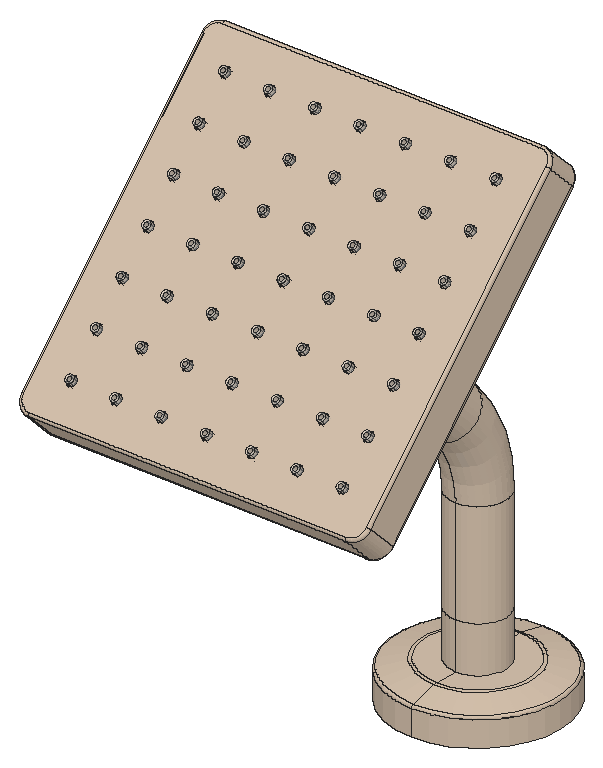
Revit family "Shower-Showerarm-KALLISTA-Guise-P34250_1", category Plumbing Fixtures, host Face, Revit 2021 (continued)
Definition of nested family "P34250"
  Lines and regions (in)
    symbolic lines, detail levels medium+fine
      curve 98: spline (1.82242, -4.81753, 0) -> (1.8259, -4.79948, 0) -> (1.83611, -4.78266, 0) -> (1.85235, -4.76822, 0) -> (1.87351, -4.75713, 0) -> (1.89816, -4.75016, 0) -> (1.9246, -4.74779, 0) -> (1.95105, -4.75016, 0) -> (1.97569, -4.75713, 0) -> (1.99686, -4.76822, 0) -> (2.0131, -4.78266, 0) -> (2.0233, -4.79948, 0) -> (2.02679, -4.81753, 0) -> (2.0233, -4.83558, 0) -> (2.0131, -4.8524, 0) -> (1.99686, -4.86685, 0) -> (1.97569, -4.87793, 0) -> (1.95105, -4.8849, 0) -> (1.9246, -4.88728, 0) -> (1.89816, -4.8849, 0) -> (1.87351, -4.87793, 0) -> (1.85235, -4.86685, 0) -> (1.83611, -4.8524, 0) -> (1.8259, -4.83558, 0) -> (1.82242, -4.81753, 0)
      curve 99: spline (1.87757, -4.81591, 0) -> (1.87917, -4.82305, 0) -> (1.88387, -4.8297, 0) -> (1.89134, -4.83541, 0) -> (1.90108, -4.83979, 0) -> (1.91243, -4.84254, 0) -> (1.9246, -4.84348, 0) -> (1.93678, -4.84254, 0) -> (1.94812, -4.83979, 0) -> (1.95786, -4.83541, 0) -> (1.96534, -4.8297, 0) -> (1.97004, -4.82305, 0) -> (1.97164, -4.81591, 0) -> (1.97004, -4.80877, 0) -> (1.96534, -4.80212, 0) -> (1.95786, -4.79641, 0) -> (1.94812, -4.79203, 0) -> (1.93678, -4.78928, 0) -> (1.9246, -4.78834, 0) -> (1.91243, -4.78928, 0) -> (1.90108, -4.79203, 0) -> (1.89134, -4.79641, 0) -> (1.88387, -4.80212, 0) -> (1.87917, -4.80877, 0) -> (1.87757, -4.81591, 0)
      curve 100: line (-2.28045, -1.62983, 0) -> (0, -1.62983, 0)
      curve 101: arc (-2.50394, -1.80543, 0) -> (-2.42256, -1.67898, 0) -> (-2.28045, -1.62983, 0) r 0.23002
      curve 102: line (2.28045, -1.62983, 0) -> (0, -1.62983, 0)
      curve 103: arc (2.50394, -1.80543, 0) -> (2.42256, -1.67898, 0) -> (2.28045, -1.62983, 0) r 0.23002
      curve 104: line (0, -1.68318, 0) -> (-2.27955, -1.68318, 0)
      curve 105: line (-2.28044, -5.16616, 0) -> (0, -5.16616, 0)
      curve 106: line (-2.45043, -1.80665, 0) -> (-2.45043, -5.01674, 0)
      curve 107: arc (-2.45043, -5.01674, 0) -> (-2.39923, -5.1299, 0) -> (-2.28044, -5.16616, 0) r 0.15066
      curve 108: arc (-2.27955, -1.68318, 0) -> (-2.38496, -1.71728, 0) -> (-2.45043, -1.80665, 0) r 0.17998
      curve 109: line (0, -1.68318, 0) -> (2.27955, -1.68318, 0)
      curve 110: line (2.28044, -5.16616, 0) -> (0, -5.16616, 0)
      curve 111: line (2.45043, -1.80665, 0) -> (2.45043, -5.01674, 0)
      curve 112: arc (2.45043, -5.01674, 0) -> (2.39923, -5.1299, 0) -> (2.28044, -5.16616, 0) r 0.15066
      curve 113: arc (2.27955, -1.68318, 0) -> (2.38496, -1.71728, 0) -> (2.45043, -1.80665, 0) r 0.17998
      curve 114: line (-0.49159, -1.27751, 0) -> (0.49159, -1.27751, 0)
      curve 115: line (2.28045, -1.62983, 0) -> (2.28431, -1.27751, 0)
      curve 116: line (-2.28045, -1.62983, 0) -> (-2.28431, -1.27751, 0)
      curve 117: line (-0.41609, -1.10842, 0) -> (-0.41609, -0.00154, 0)
      curve 118: line (0.41609, -1.10842, 0) -> (0.41609, -0.00154, 0)
      curve 119: arc (-0.41609, -0.00154, 0) -> (0, 0.41455, 0) -> (0.41609, -0.00154, 0) r 0.41609
      curve 120: arc (-0.41609, -0.16213, 0) -> (0, 0.45002, 0) -> (0.41609, -0.16213, 0) r 0.44748
      curve 121: arc (-1.14567, 0, 0) -> (-1.06295, 0.42743, 0) -> (-0.82673, 0.79314, 0) r 1.14567
      curve 122: arc (-0.41609, -1.06629, 0) -> (-0.94582, -0.646, 0) -> (-1.14567, 0, 0) r 1.14398
      curve 123: arc (-0.82673, 0.79314, 0) -> (-0.44938, 1.05386, 0) -> (0, 1.14567, 0) r 1.14567
      curve 124: arc (0, 1.14567, 0) -> (0.34528, 1.0924, 0) -> (0.65845, 0.93755, 0) r 1.14567
      curve 125: arc (0.65845, 0.93755, 0) -> (1.01659, 0.5283, 0) -> (1.14567, 0, 0) r 1.14567
      curve 126: arc (0.41609, -1.06629, 0) -> (0.94582, -0.646, 0) -> (1.14567, 0, 0) r 1.14398
      curve 127: arc (-0.41609, -0.67406, 0) -> (0, 0.78846, 0) -> (0.41609, -0.67406, 0) r 0.79045
      curve 128: arc (-0.41609, -0.60236, 0) -> (0, 0.72757, 0) -> (0.41609, -0.60236, 0) r 0.73006
      curve 129: line (0, 1.18504, 0.37273) -> (0, -1.18504, 0.37273)
      curve 130: line (0, 1.15943, 0.40526) -> (0, -1.15943, 0.40526)
      curve 131: line (0, 0.40551, 0.5) -> (0, -0.40551, 0.5)
      curve 132: line (0, 0.40551, 2.59658) -> (0, -0.40551, 2.59658)
      curve 133: line (0, -0.28636, 4.26691) -> (0, -0.8614, 3.69187)
      curve 134: line (0, -0.99751, 4.97806) -> (0, -1.57255, 4.40302)
      curve 135: line (0, -0.95045, 5.05296) -> (0, -1.64745, 4.35596)
      curve 136: line (0, -1.2683, 4.94795) -> (0, -1.68508, 5.36472)
      curve 137: line (0, -1.2683, 4.94795) -> (0, -1.54669, 4.66956)
      curve 138: line (0, -1.54669, 4.66956) -> (0, -1.95588, 5.08522)
      curve 139: arc (0, -1.73875, 5.38776) -> (0, -1.91437, 5.31603) -> (0, -1.9806, 5.13826) r 0.23621
      curve 140: arc (0, -1.68508, 5.36472) -> (0, -1.7097, 5.3814) -> (0, -1.73875, 5.38776) r 0.07874
      curve 141: arc (0, -1.9806, 5.13826) -> (0, -1.97397, 5.11081) -> (0, -1.9581, 5.08747) r 0.07874
      curve 142: arc (0, -1.2683, 4.94795) -> (0, -1.37857, 4.77983) -> (0, -1.54669, 4.66956) r 0.494
      curve 143: line (0, -1.4693, 5.57181) -> (0, -1.68073, 5.36038)
      curve 144: line (0, -2.1663, 4.87481) -> (0, -1.95588, 5.08522)
      curve 145: line (0, -1.71685, 5.62179) -> (0, -2.21628, 5.12236)
      curve 146: line (0, -1.81187, 5.68546) -> (0, -2.27995, 5.21738)
      curve 147: line (0, -1.81619, 5.80306) -> (0, -2.39755, 5.2217)
      curve 148: line (0, -1.65671, 6.23587) -> (0, -2.83036, 5.06222)
      curve 149: line (0, -2.21548, 6.81537) -> (0, -3.40985, 5.62099)
      curve 150: line (0, -2.18154, 7.30521) -> (0, -3.8997, 5.58705)
      curve 151: line (0, -1.28271, 8.23175) -> (0, -4.8258, 4.68867)
      curve 152: line (0, -1.6284, 8.57019) -> (0, -5.16379, 5.03391)
      curve 153: line (0, -1.42439, 8.06194) -> (0, -1.81688, 8.45443)
      curve 154: line (0, -4.63856, 4.84777) -> (0, -5.03161, 5.24082)
      curve 155: arc (0, -2.02028, 8.27392) -> (0, -2.0615, 8.224) -> (0, -2.11452, 8.18685) r 0.24118
      curve 156: arc (0, -2.49518, 7.83014) -> (0, -2.53373, 7.77878) -> (0, -2.58712, 7.74309) r 0.19107
      curve 157: arc (0, -2.96462, 7.38109) -> (0, -3.00743, 7.33431) -> (0, -3.05533, 7.29277) r 0.55126
      curve 158: arc (0, -4.86841, 5.42579) -> (0, -4.81849, 5.46702) -> (0, -4.78134, 5.52003) r 0.24118
      curve 159: arc (0, -4.42463, 5.9007) -> (0, -4.37326, 5.93924) -> (0, -4.33758, 5.99263) r 0.19107
      curve 160: arc (0, -3.97558, 6.37013) -> (0, -3.9288, 6.41295) -> (0, -3.88725, 6.46085) r 0.55126
      curve 161: arc (0, -3.42928, 6.92383) -> (0, -3.47081, 6.87632) -> (0, -3.51832, 6.83479) r 0.47018
      curve 162: spline (0, -2.04983, 8.27674) -> (0, -2.05279, 8.2786) -> (0, -2.05775, 8.2788) -> (0, -2.06439, 8.2773) -> (0, -2.07224, 8.27422) -> (0, -2.08078, 8.26976) -> (0, -2.08942, 8.26423) -> (0, -2.09757, 8.258) -> (0, -2.10468, 8.25151) -> (0, -2.11026, 8.24518) -> (0, -2.11393, 8.23946) -> (0, -2.11545, 8.23473) -> (0, -2.11471, 8.23131) -> (0, -2.11175, 8.22945) -> (0, -2.10679, 8.22925) -> (0, -2.10015, 8.23075) -> (0, -2.0923, 8.23383) -> (0, -2.08376, 8.23829) -> (0, -2.07512, 8.24382) -> (0, -2.06697, 8.25005) -> (0, -2.05986, 8.25654) -> (0, -2.05428, 8.26287) -> (0, -2.05061, 8.26859) -> (0, -2.04909, 8.27332) -> (0, -2.04983, 8.27674)
      curve 163: spline (0, -2.5311, 7.82794) -> (0, -2.53406, 7.82981) -> (0, -2.53902, 7.83) -> (0, -2.54566, 7.82851) -> (0, -2.55351, 7.82543) -> (0, -2.56205, 7.82097) -> (0, -2.57069, 7.81544) -> (0, -2.57884, 7.80921) -> (0, -2.58595, 7.80271) -> (0, -2.59153, 7.79639) -> (0, -2.5952, 7.79066) -> (0, -2.59672, 7.78593) -> (0, -2.59598, 7.78252) -> (0, -2.59302, 7.78065) -> (0, -2.58806, 7.78046) -> (0, -2.58142, 7.78196) -> (0, -2.57357, 7.78504) -> (0, -2.56503, 7.7895) -> (0, -2.5564, 7.79503) -> (0, -2.54824, 7.80125) -> (0, -2.54113, 7.80775) -> (0, -2.53555, 7.81408) -> (0, -2.53188, 7.8198) -> (0, -2.53036, 7.82453) -> (0, -2.5311, 7.82794)
      curve 164: spline (0, -2.99891, 7.38297) -> (0, -3.00186, 7.38484) -> (0, -3.00683, 7.38503) -> (0, -3.01346, 7.38354) -> (0, -3.02131, 7.38045) -> (0, -3.02985, 7.376) -> (0, -3.03849, 7.37047) -> (0, -3.04664, 7.36424) -> (0, -3.05375, 7.35774) -> (0, -3.05933, 7.35142) -> (0, -3.06301, 7.34569) -> (0, -3.06452, 7.34096) -> (0, -3.06378, 7.33755) -> (0, -3.06083, 7.33568) -> (0, -3.05586, 7.33549) -> (0, -3.04923, 7.33698) -> (0, -3.04137, 7.34007) -> (0, -3.03284, 7.34452) -> (0, -3.0242, 7.35005) -> (0, -3.01605, 7.35628) -> (0, -3.00894, 7.36278) -> (0, -3.00336, 7.3691) -> (0, -2.99968, 7.37483) -> (0, -2.99816, 7.37956) -> (0, -2.99891, 7.38297)
      curve 165: spline (0, -3.46088, 6.921) -> (0, -3.46383, 6.92287) -> (0, -3.46879, 6.92306) -> (0, -3.47543, 6.92157) -> (0, -3.48328, 6.91849) -> (0, -3.49182, 6.91403) -> (0, -3.50046, 6.9085) -> (0, -3.50861, 6.90227) -> (0, -3.51572, 6.89577) -> (0, -3.5213, 6.88945) -> (0, -3.52498, 6.88373) -> (0, -3.52649, 6.87899) -> (0, -3.52575, 6.87558) -> (0, -3.52279, 6.87371) -> (0, -3.51783, 6.87352) -> (0, -3.5112, 6.87502) -> (0, -3.50334, 6.8781) -> (0, -3.49481, 6.88256) -> (0, -3.48617, 6.88809) -> (0, -3.47801, 6.89431) -> (0, -3.47091, 6.90081) -> (0, -3.46532, 6.90714) -> (0, -3.46165, 6.91286) -> (0, -3.46013, 6.91759) -> (0, -3.46088, 6.921)
      curve 166: spline (0, -4.87122, 5.45534) -> (0, -4.87309, 5.4583) -> (0, -4.87328, 5.46326) -> (0, -4.87179, 5.4699) -> (0, -4.86871, 5.47775) -> (0, -4.86425, 5.48629) -> (0, -4.85872, 5.49493) -> (0, -4.85249, 5.50308) -> (0, -4.84599, 5.51019) -> (0, -4.83967, 5.51577) -> (0, -4.83395, 5.51944) -> (0, -4.82922, 5.52096) -> (0, -4.8258, 5.52022) -> (0, -4.82393, 5.51726) -> (0, -4.82374, 5.5123) -> (0, -4.82524, 5.50566) -> (0, -4.82832, 5.49781) -> (0, -4.83278, 5.48927) -> (0, -4.83831, 5.48064) -> (0, -4.84453, 5.47248) -> (0, -4.85103, 5.46537) -> (0, -4.85736, 5.45979) -> (0, -4.86308, 5.45612) -> (0, -4.86781, 5.4546) -> (0, -4.87122, 5.45534)
      curve 167: spline (0, -4.42243, 5.93662) -> (0, -4.4243, 5.93957) -> (0, -4.42449, 5.94454) -> (0, -4.423, 5.95117) -> (0, -4.41991, 5.95902) -> (0, -4.41546, 5.96756) -> (0, -4.40993, 5.9762) -> (0, -4.4037, 5.98435) -> (0, -4.3972, 5.99146) -> (0, -4.39088, 5.99704) -> (0, -4.38515, 6.00072) -> (0, -4.38042, 6.00223) -> (0, -4.37701, 6.00149) -> (0, -4.37514, 5.99853) -> (0, -4.37495, 5.99357) -> (0, -4.37644, 5.98694) -> (0, -4.37953, 5.97908) -> (0, -4.38398, 5.97055) -> (0, -4.38951, 5.96191) -> (0, -4.39574, 5.95376) -> (0, -4.40224, 5.94665) -> (0, -4.40856, 5.94106) -> (0, -4.41429, 5.93739) -> (0, -4.41902, 5.93587) -> (0, -4.42243, 5.93662)
      curve 168: spline (0, -3.97746, 6.40442) -> (0, -3.97933, 6.40737) -> (0, -3.97952, 6.41234) -> (0, -3.97802, 6.41897) -> (0, -3.97494, 6.42683) -> (0, -3.97048, 6.43536) -> (0, -3.96495, 6.444) -> (0, -3.95873, 6.45215) -> (0, -3.95223, 6.45926) -> (0, -3.9459, 6.46484) -> (0, -3.94018, 6.46852) -> (0, -3.93545, 6.47004) -> (0, -3.93204, 6.46929) -> (0, -3.93017, 6.46634) -> (0, -3.92998, 6.46137) -> (0, -3.93147, 6.45474) -> (0, -3.93455, 6.44689) -> (0, -3.93901, 6.43835) -> (0, -3.94454, 6.42971) -> (0, -3.95077, 6.42156) -> (0, -3.95727, 6.41445) -> (0, -3.96359, 6.40887) -> (0, -3.96932, 6.40519) -> (0, -3.97405, 6.40368) -> (0, -3.97746, 6.40442)
      curve 169: line (0, -1.66285, 8.58478) -> (0, -5.17838, 5.06825)
      curve 170: arc (0.49201, 0, 4.68285) -> (0.49522, 0, 4.70908) -> (0.49477, 0, 4.7355) r 0.19099
      curve 171: line (0.49477, 0, 4.7355) -> (2.30616, 0, 4.7355)
      curve 172: line (2.43522, 0, 4.86456) -> (2.43522, 0, 8.07116)
      curve 173: line (0, 0, 8.18277) -> (2.32361, 0, 8.18277)
      curve 174: arc (2.43522, 0, 8.07116) -> (2.40253, 0, 8.15008) -> (2.32361, 0, 8.18277) r 0.11161
      curve 175: arc (2.30616, 0, 4.7355) -> (2.39742, 0, 4.7733) -> (2.43522, 0, 4.86456) r 0.12906
      curve 176: line (0, 0, 8.2326) -> (2.27995, 0, 8.2326)
      curve 177: arc (2.28137, 0, 8.2326) -> (2.41173, 0, 8.19596) -> (2.50394, 0, 8.09679) r 0.25029
      curve 178: spline (2.38654, 0, 4.84418) -> (2.3825, 0, 4.8661) -> (2.37065, 0, 4.88653) -> (2.35181, 0, 4.90407) -> (2.32725, 0, 4.91753) -> (2.29865, 0, 4.926) -> (2.26796, 0, 4.92888) -> (2.23727, 0, 4.926) -> (2.20867, 0, 4.91753) -> (2.18411, 0, 4.90407) -> (2.16526, 0, 4.88653) -> (2.15342, 0, 4.8661) -> (2.14938, 0, 4.84418) -> (2.15342, 0, 4.82226) -> (2.16526, 0, 4.80183) -> (2.18411, 0, 4.78429) -> (2.20867, 0, 4.77083) -> (2.23727, 0, 4.76237) -> (2.26796, 0, 4.75948) -> (2.29865, 0, 4.76237) -> (2.32725, 0, 4.77083) -> (2.35181, 0, 4.78429) -> (2.37065, 0, 4.80183) -> (2.3825, 0, 4.82226) -> (2.38654, 0, 4.84418)
      curve 179: line (2.28667, 0, 4.89525) -> (2.25116, 0, 4.89525)
      curve 180: line (2.34761, 0, 4.85348) -> (2.28667, 0, 4.85348)
      curve 181: line (2.28667, 0, 4.82255) -> (2.34761, 0, 4.82255)
      curve 182: line (2.28667, 0, 4.89525) -> (2.28667, 0, 4.85348)
      curve 183: line (2.25116, 0, 4.85354) -> (2.25116, 0, 4.89525)
      curve 184: line (2.19008, 0, 4.82255) -> (2.25116, 0, 4.82255)
      curve 185: line (2.25116, 0, 4.85354) -> (2.19008, 0, 4.85354)
      curve 186: line (2.34761, 0, 4.85348) -> (2.34761, 0, 4.82255)
      curve 187: line (2.28667, 0, 4.78078) -> (2.25116, 0, 4.78078)
      curve 188: line (2.28667, 0, 4.78078) -> (2.28667, 0, 4.82255)
      curve 189: line (2.25116, 0, 4.82255) -> (2.25116, 0, 4.78078)
      curve 190: line (2.19008, 0, 4.85354) -> (2.19008, 0, 4.82255)
      curve 191: spline (2.38654, 0, 8.05517) -> (2.3825, 0, 8.07709) -> (2.37065, 0, 8.09752) -> (2.35181, 0, 8.11506) -> (2.32725, 0, 8.12852) -> (2.29865, 0, 8.13698) -> (2.26796, 0, 8.13987) -> (2.23727, 0, 8.13698) -> (2.20867, 0, 8.12852) -> (2.18411, 0, 8.11506) -> (2.16526, 0, 8.09752) -> (2.15342, 0, 8.07709) -> (2.14938, 0, 8.05517) -> (2.15342, 0, 8.03324) -> (2.16526, 0, 8.01282) -> (2.18411, 0, 7.99527) -> (2.20867, 0, 7.98181) -> (2.23727, 0, 7.97335) -> (2.26796, 0, 7.97047) -> (2.29865, 0, 7.97335) -> (2.32725, 0, 7.98181) -> (2.35181, 0, 7.99527) -> (2.37065, 0, 8.01282) -> (2.3825, 0, 8.03324) -> (2.38654, 0, 8.05517)
      curve 192: line (2.28667, 0, 8.10624) -> (2.25116, 0, 8.10624)
      curve 193: line (2.34761, 0, 8.06446) -> (2.28667, 0, 8.06446)
      curve 194: line (2.28667, 0, 8.03353) -> (2.34761, 0, 8.03353)
      curve 195: line (2.28667, 0, 8.10624) -> (2.28667, 0, 8.06446)
      curve 196: line (2.25116, 0, 8.06452) -> (2.25116, 0, 8.10624)
      curve 197: line (2.19008, 0, 8.03353) -> (2.25116, 0, 8.03353)
      curve 198: line (2.25116, 0, 8.06452) -> (2.19008, 0, 8.06452)
      curve 199: line (2.34761, 0, 8.06446) -> (2.34761, 0, 8.03353)
      curve 200: line (2.28667, 0, 7.99176) -> (2.25116, 0, 7.99176)
      curve 201: line (2.28667, 0, 7.99176) -> (2.28667, 0, 8.03353)
      curve 202: line (2.25116, 0, 8.03353) -> (2.25116, 0, 7.99176)
      curve 203: line (2.19008, 0, 8.06452) -> (2.19008, 0, 8.03353)
      curve 204: line (2.27995, 0, 8.58282) -> (2.27995, 0, 8.2326)
      curve 205: arc (0, 0, 7.33723) -> (0.56936, 0, 7.23627) -> (1.04905, 0, 6.91339) r 1.3969
      curve 206: arc (1.04905, 0, 6.91339) -> (1.23477, 0, 6.29335) -> (0.83453, 0, 5.78468) r 0.70239
      curve 207: line (0.83453, 0, 5.78468) -> (0.83003, 0, 5.65583)
      curve 208: arc (0.45452, 0, 5.11213) -> (0.67025, 0, 5.27034) -> (0.80505, 0, 5.50144) r 0.6572
      curve 209: arc (0.80505, 0, 5.50144) -> (0.82384, 0, 5.57762) -> (0.83003, 0, 5.65583) r 0.48272
      curve 210: line (0.45452, 0, 5.11213) -> (0.45452, 0, 4.9519)
      curve 211: arc (0.49477, 0, 4.7355) -> (0.48879, 0, 4.84633) -> (0.45452, 0, 4.9519) r 0.42817
      curve 212: arc (0.49477, 0, 4.7355) -> (0.47924, 0, 4.79564) -> (0.45099, 0, 4.85097) r 0.28387
      curve 213: arc (0.39705, 0, 4.91181) -> (0.21137, 0, 5.01844) -> (0, 0, 5.05267) r 0.59676
      curve 214: arc (0, 0, 5.0021) -> (0.16015, 0, 4.98733) -> (0.30623, 0, 4.92005) r 0.47579
      curve 215: arc (0.30623, 0, 4.92005) -> (0.36726, 0, 4.86386) -> (0.41002, 0, 4.79278) r 0.29184
      curve 216: arc (0.41002, 0, 4.79278) -> (0.42788, 0, 4.69863) -> (0.40551, 0, 4.60544) r 0.22826
      curve 217: line (0.40551, 0, 4.50227) -> (0.40551, 0, 4.60544)
      curve 218: line (0.45452, 0, 4.9519) -> (0.45099, 0, 4.85097)
      curve 219: arc (0.45099, 0, 4.85097) -> (0.42621, 0, 4.88333) -> (0.39705, 0, 4.91181) r 0.28387
      curve 220: line (0.45452, 0, 5.11213) -> (0.45452, 0, 5.38869)
      curve 221: arc (0.45452, 0, 5.38869) -> (0.26011, 0, 5.57393) -> (0, 0, 5.64063) r 0.53203
      curve 222: arc (0, 0, 5.88094) -> (0.17218, 0, 5.86153) -> (0.331, 0, 5.79225) r 0.58164
      curve 223: arc (0.331, 0, 5.79225) -> (0.43281, 0, 5.70066) -> (0.49782, 0, 5.58013) r 0.40056
      curve 224: arc (0.49782, 0, 5.58013) -> (0.5055, 0, 5.46299) -> (0.45452, 0, 5.35724) r 0.23061
      curve 225: arc (0.83003, 0, 5.65583) -> (0.7848, 0, 5.8587) -> (0.65846, 0, 6.02375) r 0.48272
      curve 226: arc (0.65846, 0, 6.02375) -> (0.4735, 0, 6.1457) -> (0.26521, 0, 6.2212) r 0.94428
      curve 227: arc (0.26521, 0, 6.2212) -> (0.13348, 0, 6.24492) -> (0, 0, 6.25482) r 1.28676
      curve 228: line (0.83453, 0, 5.78468) -> (0.83453, 0, 6.28434)
      curve 229: arc (0, 0, 6.8337) -> (0.26041, 0, 6.80281) -> (0.50485, 0, 6.70783) r 1.04114
      curve 230: arc (0.50485, 0, 6.70783) -> (0.71398, 0, 6.53057) -> (0.83453, 0, 6.28434) r 0.66949
      curve 231: arc (0, 0, 7.30709) -> (0.37, 0, 7.26008) -> (0.71876, 0, 7.12788) r 1.58429
      curve 232: arc (0.71876, 0, 7.12788) -> (0.9055, 0, 7.00356) -> (1.06157, 0, 6.84241) r 1.04996
      curve 233: arc (1.06157, 0, 6.84241) -> (1.16923, 0, 6.641) -> (1.20291, 0, 6.41513) r 0.66932
      curve 234: arc (1.20291, 0, 6.41513) -> (1.0994, 0, 6.07295) -> (0.83453, 0, 5.83286) r 0.66932
      curve 235: arc (0.40551, 0, 3.97577) -> (0.24679, 0, 4.18039) -> (0, 0, 4.25887) r 0.43591
      curve 236: line (0.40551, 0, 2.5975) -> (0, 0, 2.5975)
      curve 237: arc (-0.49201, 0, 4.68285) -> (-0.49522, 0, 4.70908) -> (-0.49477, 0, 4.7355) r 0.19099
      curve 238: line (-0.49477, 0, 4.7355) -> (-2.30616, 0, 4.7355)
      curve 239: line (-2.43522, 0, 4.86456) -> (-2.43522, 0, 8.07116)
      curve 240: line (0, 0, 8.18277) -> (-2.32361, 0, 8.18277)
      curve 241: arc (-2.43522, 0, 8.07116) -> (-2.40253, 0, 8.15008) -> (-2.32361, 0, 8.18277) r 0.11161
      curve 242: arc (-2.30616, 0, 4.7355) -> (-2.39742, 0, 4.7733) -> (-2.43522, 0, 4.86456) r 0.12906
      curve 243: line (0, 0, 8.2326) -> (-2.27995, 0, 8.2326)
      curve 244: arc (-2.28137, 0, 8.2326) -> (-2.41173, 0, 8.19596) -> (-2.50394, 0, 8.09679) r 0.25029
      curve 245: spline (-2.38654, 0, 4.84418) -> (-2.3825, 0, 4.8661) -> (-2.37065, 0, 4.88653) -> (-2.35181, 0, 4.90407) -> (-2.32725, 0, 4.91753) -> (-2.29865, 0, 4.926) -> (-2.26796, 0, 4.92888) -> (-2.23727, 0, 4.926) -> (-2.20867, 0, 4.91753) -> (-2.18411, 0, 4.90407) -> (-2.16526, 0, 4.88653) -> (-2.15342, 0, 4.8661) -> (-2.14938, 0, 4.84418) -> (-2.15342, 0, 4.82226) -> (-2.16526, 0, 4.80183) -> (-2.18411, 0, 4.78429) -> (-2.20867, 0, 4.77083) -> (-2.23727, 0, 4.76237) -> (-2.26796, 0, 4.75948) -> (-2.29865, 0, 4.76237) -> (-2.32725, 0, 4.77083) -> (-2.35181, 0, 4.78429) -> (-2.37065, 0, 4.80183) -> (-2.3825, 0, 4.82226) -> (-2.38654, 0, 4.84418)
      curve 246: line (-2.28667, 0, 4.89525) -> (-2.25116, 0, 4.89525)
      curve 247: line (-2.34761, 0, 4.85348) -> (-2.28667, 0, 4.85348)
      curve 248: line (-2.28667, 0, 4.82255) -> (-2.34761, 0, 4.82255)
      curve 249: line (-2.28667, 0, 4.89525) -> (-2.28667, 0, 4.85348)
      curve 250: line (-2.25116, 0, 4.85354) -> (-2.25116, 0, 4.89525)
      curve 251: line (-2.19008, 0, 4.82255) -> (-2.25116, 0, 4.82255)
      curve 252: line (-2.25116, 0, 4.85354) -> (-2.19008, 0, 4.85354)
      curve 253: line (-2.34761, 0, 4.85348) -> (-2.34761, 0, 4.82255)
      curve 254: line (-2.28667, 0, 4.78078) -> (-2.25116, 0, 4.78078)
      curve 255: line (-2.28667, 0, 4.78078) -> (-2.28667, 0, 4.82255)
      curve 256: line (-2.25116, 0, 4.82255) -> (-2.25116, 0, 4.78078)
      curve 257: line (-2.19008, 0, 4.85354) -> (-2.19008, 0, 4.82255)
      curve 258: spline (-2.38654, 0, 8.05517) -> (-2.3825, 0, 8.07709) -> (-2.37065, 0, 8.09752) -> (-2.35181, 0, 8.11506) -> (-2.32725, 0, 8.12852) -> (-2.29865, 0, 8.13698) -> (-2.26796, 0, 8.13987) -> (-2.23727, 0, 8.13698) -> (-2.20867, 0, 8.12852) -> (-2.18411, 0, 8.11506) -> (-2.16526, 0, 8.09752) -> (-2.15342, 0, 8.07709) -> (-2.14938, 0, 8.05517) -> (-2.15342, 0, 8.03324) -> (-2.16526, 0, 8.01282) -> (-2.18411, 0, 7.99527) -> (-2.20867, 0, 7.98181) -> (-2.23727, 0, 7.97335) -> (-2.26796, 0, 7.97047) -> (-2.29865, 0, 7.97335) -> (-2.32725, 0, 7.98181) -> (-2.35181, 0, 7.99527) -> (-2.37065, 0, 8.01282) -> (-2.3825, 0, 8.03324) -> (-2.38654, 0, 8.05517)
      curve 259: line (-2.28667, 0, 8.10624) -> (-2.25116, 0, 8.10624)
      curve 260: line (-2.34761, 0, 8.06446) -> (-2.28667, 0, 8.06446)
      curve 261: line (-2.28667, 0, 8.03353) -> (-2.34761, 0, 8.03353)
      curve 262: line (-2.28667, 0, 8.10624) -> (-2.28667, 0, 8.06446)
      curve 263: line (-2.25116, 0, 8.06452) -> (-2.25116, 0, 8.10624)
      curve 264: line (-2.19008, 0, 8.03353) -> (-2.25116, 0, 8.03353)
      curve 265: line (-2.25116, 0, 8.06452) -> (-2.19008, 0, 8.06452)
      curve 266: line (-2.34761, 0, 8.06446) -> (-2.34761, 0, 8.03353)
      curve 267: line (-2.28667, 0, 7.99176) -> (-2.25116, 0, 7.99176)
      curve 268: line (-2.28667, 0, 7.99176) -> (-2.28667, 0, 8.03353)
      curve 269: line (-2.25116, 0, 8.03353) -> (-2.25116, 0, 7.99176)
      curve 270: line (-2.19008, 0, 8.06452) -> (-2.19008, 0, 8.03353)
      curve 271: line (-2.27995, 0, 8.58282) -> (-2.27995, 0, 8.2326)
      curve 272: arc (0, 0, 7.33723) -> (-0.56936, 0, 7.23627) -> (-1.04905, 0, 6.91339) r 1.3969
      curve 273: arc (-1.04905, 0, 6.91339) -> (-1.23477, 0, 6.29335) -> (-0.83453, 0, 5.78468) r 0.70239
      curve 274: line (-0.83453, 0, 5.78468) -> (-0.83003, 0, 5.65583)
      curve 275: arc (-0.45452, 0, 5.11213) -> (-0.67025, 0, 5.27034) -> (-0.80505, 0, 5.50144) r 0.6572
      curve 276: arc (-0.80505, 0, 5.50144) -> (-0.82384, 0, 5.57762) -> (-0.83003, 0, 5.65583) r 0.48272
      curve 277: line (-0.45452, 0, 5.11213) -> (-0.45452, 0, 4.9519)
      curve 278: arc (-0.49477, 0, 4.7355) -> (-0.48879, 0, 4.84633) -> (-0.45452, 0, 4.9519) r 0.42817
      curve 279: arc (-0.49477, 0, 4.7355) -> (-0.47924, 0, 4.79564) -> (-0.45099, 0, 4.85097) r 0.28387
      curve 280: arc (-0.39705, 0, 4.91181) -> (-0.21137, 0, 5.01844) -> (0, 0, 5.05267) r 0.59676
      curve 281: arc (0, 0, 5.0021) -> (-0.16015, 0, 4.98733) -> (-0.30623, 0, 4.92005) r 0.47579
      curve 282: arc (-0.30623, 0, 4.92005) -> (-0.36726, 0, 4.86386) -> (-0.41002, 0, 4.79278) r 0.29184
      curve 283: arc (-0.41002, 0, 4.79278) -> (-0.42788, 0, 4.69863) -> (-0.40551, 0, 4.60544) r 0.22826
      curve 284: line (-0.40551, 0, 4.50227) -> (-0.40551, 0, 4.60544)
      curve 285: line (-0.45452, 0, 4.9519) -> (-0.45099, 0, 4.85097)
      curve 286: arc (-0.45099, 0, 4.85097) -> (-0.42621, 0, 4.88333) -> (-0.39705, 0, 4.91181) r 0.28387
      curve 287: line (-0.45452, 0, 5.11213) -> (-0.45452, 0, 5.38869)
      curve 288: arc (-0.45452, 0, 5.38869) -> (-0.26011, 0, 5.57393) -> (0, 0, 5.64063) r 0.53203
      curve 289: arc (0, 0, 5.88094) -> (-0.17218, 0, 5.86153) -> (-0.331, 0, 5.79225) r 0.58164
      curve 290: arc (-0.331, 0, 5.79225) -> (-0.43281, 0, 5.70066) -> (-0.49782, 0, 5.58013) r 0.40056
      curve 291: arc (-0.49782, 0, 5.58013) -> (-0.5055, 0, 5.46299) -> (-0.45452, 0, 5.35724) r 0.23061
      curve 292: arc (-0.83003, 0, 5.65583) -> (-0.7848, 0, 5.8587) -> (-0.65846, 0, 6.02375) r 0.48272
      curve 293: arc (-0.65846, 0, 6.02375) -> (-0.4735, 0, 6.1457) -> (-0.26521, 0, 6.2212) r 0.94428
      curve 294: arc (-0.26521, 0, 6.2212) -> (-0.13348, 0, 6.24492) -> (0, 0, 6.25482) r 1.28676
      curve 295: line (-0.83453, 0, 5.78468) -> (-0.83453, 0, 6.28434)
      curve 296: arc (0, 0, 6.8337) -> (-0.26041, 0, 6.80281) -> (-0.50485, 0, 6.70783) r 1.04114
      curve 297: arc (-0.50485, 0, 6.70783) -> (-0.71398, 0, 6.53057) -> (-0.83453, 0, 6.28434) r 0.66949
      curve 298: arc (0, 0, 7.30709) -> (-0.37, 0, 7.26008) -> (-0.71876, 0, 7.12788) r 1.58429
      curve 299: arc (-0.71876, 0, 7.12788) -> (-0.9055, 0, 7.00356) -> (-1.06157, 0, 6.84241) r 1.04996
      curve 300: arc (-1.06157, 0, 6.84241) -> (-1.16923, 0, 6.641) -> (-1.20291, 0, 6.41513) r 0.66932
      curve 301: arc (-1.20291, 0, 6.41513) -> (-1.0994, 0, 6.07295) -> (-0.83453, 0, 5.83286) r 0.66932
      curve 302: arc (-0.40551, 0, 3.97577) -> (-0.24679, 0, 4.18039) -> (0, 0, 4.25887) r 0.43591
      curve 303: line (-0.40551, 0, 2.5975) -> (0, 0, 2.5975)
      curve 304: line (0.40551, 0, 0.5) -> (-0.40551, 0, 0.5)
      curve 305: line (1.16243, 0, 0.40367) -> (-1.16243, 0, 0.40367)
      curve 306: line (1.18504, 0, 0.37496) -> (-1.18504, 0, 0.37496)
      curve 307: line (1.18504, 0, 0.01969) -> (-1.18504, 0, 0.01969)
      curve 308: line (0, 1.18504, 0.01969) -> (0, -1.18504, 0.01969)
  Dimensions and locks (in)
    aligned and locked: plane 2 to level
    aligned and locked: Masking region 3 sketch curve to level
    aligned and locked: plane 3 "Center (Left/Right)" to Extrusion 15 sketch curve
    aligned and locked: plane 1 "Center (Front/Back)" to Extrusion 15 sketch curve
    aligned and locked: Extrusion 15 to level
Types (6): name | Type | Model | Finish
  (no name) | 1 | "P34250-00-BAF" | Kallista-Metal-BAF-Brushed_French_Gold
  BAF-Brushed French Gold | 1 | "P34250-00-BAF" | Kallista-Metal-BAF-Brushed_French_Gold
  BN-Brushed Nickel | 2 | "P34250-00-BN" | Kallista-Metal-BN-Brushed_Nickel
  CP-Chrome | 3 | "P34250-00-CP" | Kallista-Metal-CP-Chrome
  PGP-Polished Graphite | 4 | "P34250-00-PGP" | Kallista-Metal-PGP-Polished_Graphite
  SN-Polished Nickel | 5 | "P34250-00-SN" | Kallista-Metal-SN-Polished_Nickel
